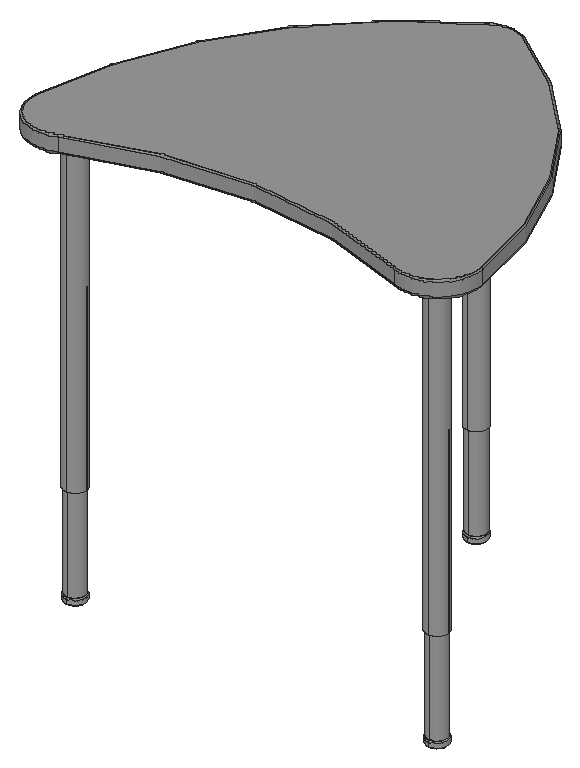
Revit family "Chevron Small Desk", category Generic Models, Revit 2018
Family settings
  Can host rebar = No
  Round Connector Dimension = Use Diameter
  Part Type = Normal
  Work Plane-Based = No
  Always vertical = Yes
  Cut with Voids When Loaded = No
  Shared = No
  Room Calculation Point = No
Parameters
  Table Height = 2' - 5"
  Surface = Chevron Small Surface
  Leg Finish = Shapes Leg Platinum
  Edgeband = Chevron Small Edgeband
  Caster/Glider = Shapes Leg - Glide : Shapes Leg - Glide
Reference planes (in)
  plane 1 "Center (Front/Back)": y = 0
  plane 2: z = 0
  plane 3 "Center (Left/Right)": x = 0
  plane 4 "Table Height": z = 29
Dimensions and locks (in)
  "Table Height": plane 4 "Table Height" to level
  aligned and locked: plane 2 to level
  aligned and locked: nested 1 to plane 4 "Table Height"
Nested families (in)
  nested 1: "Chevron Small Tabletop" at (0, 0, 0.5), type "Chevron Small Tabletop"
  nested 2: "Shapes Leg - Glide" at (0.05978, 9.3614, 0) x (0, 1, 0) z (0, 0, 1), Shapes Leg Finish <- "Leg Finish", Leg Height <- "Table Height", type "Shapes Leg - Glide"
    with Shapes Leg Finish Shapes Leg Platinum, Leg Height 2' - 5"
  nested 3: "Shapes Leg - Glide" at (12.40306, -9.43295, 0) x (0, 1, 0) z (0, 0, 1), Shapes Leg Finish <- "Leg Finish", Leg Height <- "Table Height", type <- "Caster/Glider", type "Shapes Leg - Glide"
    with Shapes Leg Finish Shapes Leg Platinum, Leg Height 2' - 5"
  nested 4: "Shapes Leg - Glide" at (-12.51964, -9.35228, 0) x (0, 1, 0) z (0, 0, 1), Shapes Leg Finish <- "Leg Finish", Leg Height <- "Table Height", type <- "Caster/Glider", type "Shapes Leg - Glide"
    with Shapes Leg Finish Shapes Leg Platinum, Leg Height 2' - 5"
Definition of nested family "Chevron Small Tabletop"
  Parameters (values of type "Chevron Small Tabletop")
    Surface = none
    Edgeband = none
  Reference planes (in)
    plane 1 "Center (Front/Back)": y = 0
    plane 2: z = 0
    plane 3 "Center (Left/Right)": x = 0
  Forms (in)
    Extrusion 1, solid, material <- "Surface"
      sketch origin (0, 0, 0) x (1, 0, 0) y (0, 1, 0)
        loop
          arc (1.11921, 11.93196) -> (0, 12.23098) -> (-1.11921, 11.93196) r 2.24409
          arc (-1.11921, 11.93196) -> (-10.65751, 3.00305) -> (-15.23374, -9.2347) r 28.62199
          arc (-15.23374, -9.2347) -> (-14.19921, -11.68117) -> (-11.56068, -11.98718) r 2.63779
          arc (-11.56068, -11.98718) -> (0, -9.57036) -> (11.56068, -11.98718) r 28.85821
          arc (11.56068, -11.98718) -> (14.19921, -11.68117) -> (15.23374, -9.2347) r 2.63779
          arc (15.23374, -9.2347) -> (10.65751, 3.00305) -> (1.11921, 11.93196) r 28.62199
      from 28.5 to 29.625
    Sweep 2, solid, material <- "Edgeband"
      path in 3D
        loop
          arc (-1.11921, 11.93196, 29.625) -> (0, 12.23098, 29.625) -> (1.11921, 11.93196, 29.625) r 2.24409
          arc (1.11921, 11.93196, 29.625) -> (10.65751, 3.00305, 29.625) -> (15.23374, -9.2347, 29.625) r 28.62199
          arc (15.23374, -9.2347, 29.625) -> (14.19921, -11.68117, 29.625) -> (11.56068, -11.98718, 29.625) r 2.63779
          arc (11.56068, -11.98718, 29.625) -> (0, -9.57036, 29.625) -> (-11.56068, -11.98718, 29.625) r 28.85821
          arc (-11.56068, -11.98718, 29.625) -> (-14.19921, -11.68117, 29.625) -> (-15.23374, -9.2347, 29.625) r 2.63779
          arc (-15.23374, -9.2347, 29.625) -> (-10.65751, 3.00305, 29.625) -> (-1.11921, 11.93196, 29.625) r 28.62199
      profile origin (-10.65751, 3.00305, 29.625) x (-0.831988, 0.554793, 0) y (0, 0, 1)
        loop
          line (0.10581, -1.01919) -> (0.10581, -0.10581)
          arc (0.10581, -0.10581) -> (0.07482, -0.03099) -> (0, 0) r 0.10581
          line (0, 0) -> (0, -1.125)
          arc (0, -1.125) -> (0.07482, -1.09401) -> (0.10581, -1.01919) r 0.10581
  Lines and regions (in)
    sketch lines
      curve 1: arc (-15.23374, -9.2347, 29.625) -> (-10.65751, 3.00305, 29.625) -> (-1.11921, 11.93196, 29.625) r 28.62199
      curve 2: arc (-1.11921, 11.93196, 29.625) -> (0, 12.23098, 29.625) -> (1.11921, 11.93196, 29.625) r 2.24409
      curve 3: arc (1.11921, 11.93196, 29.625) -> (10.65751, 3.00305, 29.625) -> (15.23374, -9.2347, 29.625) r 28.62199
      curve 4: arc (15.23374, -9.2347, 29.625) -> (14.19921, -11.68117, 29.625) -> (11.56068, -11.98718, 29.625) r 2.63779
      curve 5: arc (11.56068, -11.98718, 29.625) -> (0, -9.57036, 29.625) -> (-11.56068, -11.98718, 29.625) r 28.85821
      curve 6: arc (-11.56068, -11.98718, 29.625) -> (-14.19921, -11.68117, 29.625) -> (-15.23374, -9.2347, 29.625) r 2.63779
  Dimensions and locks (in)
    aligned and locked: plane 2 to level
Definition of nested family "Shapes Leg - Glide"
  Parameters (values of type "Shapes Leg - Glider")
    Shapes Leg Finish [instance] = none
    Leg Height [instance] = 2' - 4 1/2"
  Reference planes (in)
    plane 1 "Center (Front/Back)": y = 0
    plane 2: z = 0
    plane 3 "Center (Left/Right)": x = 0
  Forms (in)
    Extrusion 1, solid
      sketch origin (-0.01562, 0, 0) x (1, 0, 0) y (0, 1, 0)
        loop
          circle (0.01563, 0) r 0.64906
      from 0.50586 to 20.17439
  Dimensions and locks (in)
    "Leg Height": nested 2 to level
    aligned and locked: plane 2 to level
  Automatic sketch dimensions
    plane 1 "Center (Front/Back)" to Extrusion 1 sketch curve = 0' - 0"
    Extrusion 1 sketch curve to plane 3 "Center (Left/Right)" = 0' - 0"
    radius of Extrusion 1 sketch curve = 0' - 0.64906"
  Nested families (in)
    nested 1: "Glider" at (0, 0, 0), type "Glider"
    nested 2: "Shapes Upper Leg" at (0, 0, 0), Shapes Leg Finish <- "Shapes Leg Finish", type "Shapes Upper Leg"
      with Shapes Leg Finish none
  Definition of nested family "Glider"
    Reference planes (in)
      plane 1 "Center (Front/Back)": y = 0
      plane 2: z = 0
      plane 3 "Center (Left/Right)": x = 0
    Forms (in)
      Revolve 1, solid
        sketch origin (0, 0, 0) x (1, 0, 0) y (0, 0, 1)
          loop
            line (0.26614, 0.50586) -> (0, 0.50586) -> (0, 0.09994) -> (0.71656, 0.09994) -> (0.71656, 0.37634)
            arc (0.71656, 0.37634) -> (0.70181, 0.41548) -> (0.66511, 0.43552) r 0.06011
            arc (0.66511, 0.43552) -> (0.46609, 0.45951) -> (0.26614, 0.47365) r 4.06535
            line (0.26614, 0.47365) -> (0.26614, 0.50586)
          axis (0, 0.50586) -> (0, 0.09994)
        angle from 0 to 360
      Revolve 2, solid
        sketch origin (0, 0, 0) x (1, 0, 0) y (0, 0, 1)
          loop
            line (0.65534, 0.1212) -> (0, 0.1212) -> (0, 0) -> (0.57593, 0)
            arc (0.57593, 0) -> (0.63208, 0.02326) -> (0.65534, 0.07941) r 0.07941
            line (0.65534, 0.07941) -> (0.65534, 0.1212)
          axis (0, 0.1212) -> (0, 0)
        angle from 0 to 360
    Dimensions and locks (in)
      aligned and locked: plane 2 to level
  Definition of nested family "Shapes Upper Leg"
    Parameters (values of type "Shapes Upper Leg")
      Shapes Leg Finish [instance] = none
    Reference planes (in)
      plane 1 "Center (Front/Back)": y = 0
      plane 2: z = 0
      plane 3 "Center (Left/Right)": x = 0
    Forms (in)
      Extrusion 1, solid, material <- "Shapes Leg Finish"
        sketch origin (0, 0, 0) x (1, 0, 0) y (0, 1, 0)
          loop
            circle (0, 0) r 0.75
        from 6.5 to 28.5
    Dimensions and locks (in)
      aligned and locked: plane 2 to level
